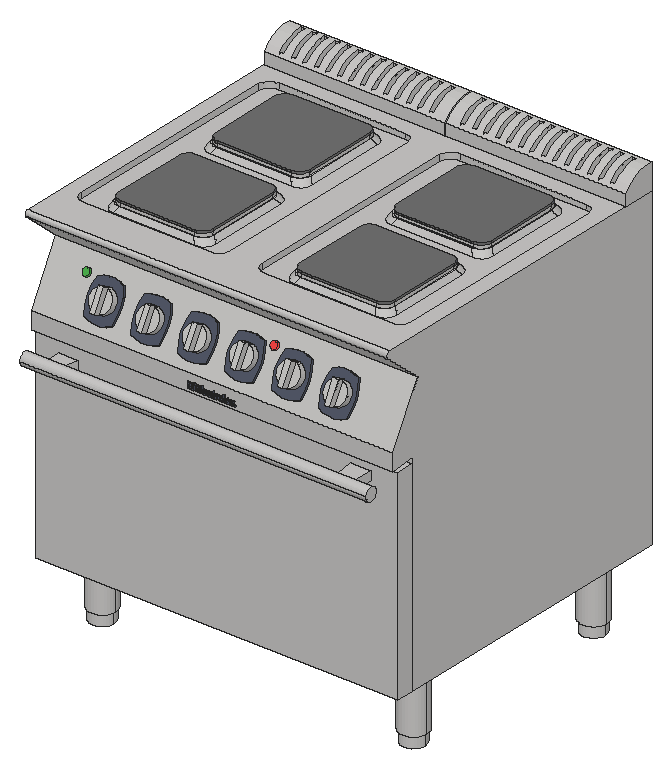
Revit family "QF_ELECTROLUXPROFESSIONAL_371018_E7ECEH4QE0", category Specialty Equipment, Revit 2018
Family settings
  Round Connector Dimension = Use Diameter
  Part Type = Normal
  Work Plane-Based = No
  Always vertical = Yes
  Cut with Voids When Loaded = No
  Shared = No
  Room Calculation Point = No
Parameters
  Width = 800.1 mm  # constant formula
  Weight in Pounds = 176  # constant formula
  Watts = 16400 VA  # 16400 W
  Volts = 400 V  # constant formula
  URL Cutsheet = "www.electrolux.com/foodservice"
  URL = "www.electrolux.com/foodservice"
  Type Mark [instance] = ""
  Status [instance] = ""
  Specification by User [instance] = ""
  Specification by Manufacturer = ""
  Show Logo [instance] = yes
  Show Clearance [instance] = yes
  Serial Number = ""
  Seismic Rating = ""
  SMACNA No = ""
  Revision Code [instance] = ""
  Phase = 3  # constant formula
  Omniclass Number and Title = ""
  Number of Poles [instance] = 1
  NAFEM Spec ID Number = ""
  Model = "371018"
  Min Ckt Ampacity = 0 A
  Max Overcurrent Protection = 0 A
  Masterspec = ""
  Manufacturer = "ELECTROLUX"
  Item Number [instance] = ""
  Installed By [instance] = ""
  Identify Quantity as Lot [instance] = yes
  Height = 908.1 mm  # constant formula
  HP = "22 HP"
  Furnished By [instance] = ""
  Foodservice Equipment Identifier [instance] = yes
  FL Amps = if(Phase = 3, Watts / (Volts * 1.73), Watts / Volts)  # 23.6994 A
  Electrical Remarks [instance] = "400 V/3N ph/50/60 Hz"  # constant formula
  Electric Connection Type [instance] = ""
  Elec Conn RI Height [instance] = 0 mm
  Elec Conn Connection Height [instance] = 0 mm
  Direct Waste Size = 0"
  Description = "700XP 4 Hot Square Plate Electric Boiling Top 2.6KW on Electric Oven - 400V"
  Depth = 730.25 mm  # constant formula
  Cycle = if([60 Hertz Option], 60 Hz, 50 Hz)  # 60 Hz
  Conn Plug = ""
  Conn Conduit = yes
  CSI MasterFormat = ""
  CSI Master Format = ""
  Base Height [instance] = 150 mm  # constant formula
  Apparent Power = if(Phase = 3, Volts * FL Amps * 1.73, Volts * FL Amps)  # 16400 VA
  60 Hertz Option = not([50 Hertz Option])  # yes
  50 Hertz Option = no
Reference planes
  plane 1 "BACK": y = 0
  plane 2: z = 0
  plane 3 "LEFT": x = 0
  plane 4 "RIGHT": x = 800.1
  plane 5 "FRONT": y = -730.25
  plane 6 "TOP": z = 908.1
  plane 7 "Center Y": x = 400.05
  plane 8 "Center X": y = -365.125
  plane 9 "TOP A": z = 851
  plane 10: z = 150
Forms (mm)
  Extrusion 1, solid, material "QF_Finishes_Stainless Steel"
    sketch origin (0, 0, 0) x (0, 1, 0) y (0, 0, 1)
      loop
        line (0, 851) -> (-722.928, 851)
        arc (-722.928, 851) -> (-729.69, 846.314) -> (-727.679, 838.336) r 7.223
        line (-727.679, 838.336) -> (-646.919, 767.809) -> (-713.772, 646.19) -> (-713.772, 608.09) -> (-660.4, 613.7) -> (-660.4, 150) -> (0, 150) -> (0, 851)
    from 0 to 800.1
  Extrusion 2, solid, material "QF_Finishes_Clearance", visible <- "Show Clearance", detail levels coarse
    sketch origin (0, 0, 0) x (1, 0, 0) y (0, 1, 0)
      loop
        line (0, -730.25) -> (0, 0) -> (800.1, 0) -> (800.1, -730.25) -> (950.119, -730.25) -> (950.119, 150.019) -> (-150.019, 150.019) -> (-150.019, -730.25) -> (0, -730.25)
    from 0 to 908.1
  Revolve 3, solid, material "QF_Finishes_Stainless Steel"
    sketch origin (0, -587.387, 608.09) x (0, 0, 1) y (-1, 0, 0)
      loop
        line (-608.09, -56) -> (-458.09, -56) -> (-458.09, -26) -> (-583.09, -26) -> (-583.09, -29.75) -> (-608.09, -29.75) -> (-608.09, -56)
      axis (-608.09, -56) -> (-458.09, -56)
    angle from 0 to 360
  Revolve 4, solid, material "QF_Finishes_Stainless Steel"
    sketch origin (400.05, -587.387, 608.09) x (0, 0, 1) y (-1, 0, 0)
      loop
        line (-608.09, -344.05) -> (-608.09, -370.3) -> (-583.09, -370.3) -> (-583.09, -374.05) -> (-458.09, -374.05) -> (-458.09, -344.05) -> (-608.09, -344.05)
      axis (-608.09, -344.05) -> (-458.09, -344.05)
    angle from 0 to 360
  Revolve 5, solid, material "QF_Finishes_Stainless Steel"
    sketch origin (0, -90, 608.09) x (0, 0, 1) y (-1, 0, 0)
      loop
        line (-608.09, -56) -> (-458.09, -56) -> (-458.09, -26) -> (-583.09, -26) -> (-583.09, -29.75) -> (-608.09, -29.75) -> (-608.09, -56)
      axis (-608.09, -56) -> (-458.09, -56)
    angle from 0 to 360
  Revolve 6, solid, material "QF_Finishes_Stainless Steel"
    sketch origin (400.05, -90, 608.09) x (0, 0, 1) y (-1, 0, 0)
      loop
        line (-608.09, -344.05) -> (-608.09, -370.3) -> (-583.09, -370.3) -> (-583.09, -374.05) -> (-458.09, -374.05) -> (-458.09, -344.05) -> (-608.09, -344.05)
      axis (-608.09, -344.05) -> (-458.09, -344.05)
    angle from 0 to 360
  Extrusion 7, solid, material "QF_Finishes_Stainless Steel"
    sketch origin (-77.88, -4572, 150) x (-1, 0, 0) y (0, -1, 0)
      loop
        circle (-830.355, -4059.238) r 12.7
    from 3.2 to 0
  Extrusion 8, solid, material "QF_Finishes_Stainless Steel"
    sketch origin (199.231, -12.7, -7.5) x (0, 1, 0) y (0, 0, 1)
      loop
        circle (-740.063, 582.209) r 14
    from -181.531 to 583.169
  Extrusion 9, solid, material "QF_Finishes_Stainless Steel"
    sketch origin (-23.75, -12.7, 562.009) x (-1, 0, 0) y (0, -1, 0)
      loop
        line (-84.731, 741.563) -> (-118.724, 741.563) -> (-126.38, 700.088) -> (-84.731, 700.088) -> (-84.731, 741.563)
      loop
        line (-762.869, 741.563) -> (-762.869, 687.387) -> (-718.876, 687.387) -> (-728.876, 741.563) -> (-762.869, 741.563)
    from 0 to 21.491
  Extrusion 10, solid, material "QF_Finishes_Navy Blue", visible <- "Show Logo"
    sketch origin (59.194, -713.772, 608.09) x (0, 0, 1) y (-1, 0, 0)
      loop
        line (20.674, -296.698) -> (8.307, -296.698)
        arc (8.307, -296.698) -> (14.491, -301.27) -> (20.674, -296.698) r 6.467
      loop
        arc (20.674, -296.069) -> (19.505, -290.926) -> (14.849, -288.448) r 6.338
        line (14.849, -288.448) -> (14.849, -290.494)
        arc (14.849, -290.494) -> (16.333, -294.149) -> (19.778, -296.069) r 5.941
        line (19.778, -296.069) -> (20.674, -296.069)
      loop
        arc (9.203, -296.069) -> (12.648, -294.149) -> (14.132, -290.494) r 5.941
        line (14.132, -290.494) -> (14.132, -288.448)
        arc (14.132, -288.448) -> (9.438, -290.922) -> (8.148, -296.069) r 6.504
        line (8.148, -296.069) -> (9.203, -296.069)
      loop
        line (21.349, -287.979) -> (7.604, -287.979) -> (7.604, -301.742) -> (21.349, -301.742) -> (21.349, -287.979)
      loop
        arc (21.432, -304.71) -> (21.085, -304.352) -> (20.718, -304.69) r 0.358
        arc (20.718, -304.69) -> (20.404, -305.44) -> (19.687, -305.825) r 1.216
        line (19.687, -305.825) -> (9.274, -305.825)
        arc (9.274, -305.825) -> (8.614, -305.548) -> (8.218, -304.951) r 1.238
        arc (8.218, -304.951) -> (7.823, -304.7) -> (7.518, -305.054) r 0.358
        line (7.518, -305.054) -> (7.518, -314.933) -> (10.269, -314.933) -> (10.269, -314.036)
        arc (10.269, -314.036) -> (9.36, -313.456) -> (8.904, -312.479) r 1.928
        line (8.904, -312.479) -> (8.904, -309.98)
        arc (8.904, -309.98) -> (9.18, -309.251) -> (9.868, -308.887) r 1.101
        line (9.868, -308.887) -> (13.955, -308.887) -> (13.955, -312.561)
        arc (13.955, -312.561) -> (13.602, -313.058) -> (13.037, -313.286) r 1.083
        arc (13.037, -313.286) -> (12.773, -313.591) -> (13.065, -313.869) r 0.292
        line (13.065, -313.869) -> (16.028, -313.869)
        arc (16.028, -313.869) -> (16.33, -313.596) -> (16.092, -313.266) r 0.305
        arc (16.092, -313.266) -> (15.601, -313.018) -> (15.296, -312.561) r 1.083
        line (15.296, -312.561) -> (15.296, -308.887) -> (19.973, -308.887) -> (19.973, -312.635)
        arc (19.973, -312.635) -> (19.759, -313.39) -> (19.153, -313.888) r 1.314
        arc (19.153, -313.888) -> (18.934, -314.292) -> (19.288, -314.585) r 0.361
        line (19.288, -314.585) -> (21.432, -314.585) -> (21.432, -304.71)
      loop
        arc (20.715, -315.365) -> (20.335, -316.284) -> (19.416, -316.664) r 1.299
        line (19.416, -316.664) -> (9.837, -316.664)
        arc (9.837, -316.664) -> (8.999, -316.286) -> (8.728, -315.408) r 1.118
        line (8.728, -315.408) -> (7.518, -315.408) -> (7.518, -320.758) -> (8.706, -320.758)
        arc (8.706, -320.758) -> (8.978, -319.841) -> (9.848, -319.445) r 1.153
        line (9.848, -319.445) -> (21.92, -319.445) -> (20.715, -315.365)
      loop
        line (12.483, -323.394) -> (12.483, -329.842) -> (13.282, -329.842)
        arc (13.282, -329.842) -> (15.862, -328.857) -> (17.131, -326.404) r 3.874
        line (17.131, -326.404) -> (17.131, -324.643)
        arc (17.131, -324.643) -> (15.944, -321.778) -> (13.08, -320.592) r 4.051
        line (13.08, -320.592) -> (11.072, -320.592)
        arc (11.072, -320.592) -> (8.253, -322.077) -> (7.202, -325.084) r 4.352
        arc (7.202, -325.084) -> (7.566, -327.547) -> (8.943, -329.621) r 5.713
        line (8.943, -329.621) -> (9.892, -329.621)
        arc (9.892, -329.621) -> (9.16, -328.052) -> (8.943, -326.334) r 5.579
        arc (8.943, -326.334) -> (9.737, -324.371) -> (11.616, -323.394) r 3.057
        line (11.616, -323.394) -> (12.483, -323.394)
      loop
        line (13.742, -323.394) -> (13.742, -326.977)
        arc (13.742, -326.977) -> (15.199, -327.024) -> (16.082, -325.864) r 1.59
        line (16.082, -325.864) -> (16.082, -325.034)
        arc (16.082, -325.034) -> (15.217, -323.779) -> (13.742, -323.394) r 2.184
      loop
        arc (16.533, -339.259) -> (17.022, -337.585) -> (17.179, -335.848) r 9.023
        line (17.179, -335.848) -> (17.179, -334.486)
        arc (17.179, -334.486) -> (16.02, -331.686) -> (13.22, -330.527) r 3.959
        line (13.22, -330.527) -> (10.62, -330.527)
        arc (10.62, -330.527) -> (8.338, -331.819) -> (7.221, -334.192) r 4.331
        line (7.221, -334.192) -> (7.221, -336.327)
        arc (7.221, -336.327) -> (7.729, -337.877) -> (8.651, -339.223) r 5.772
        arc (8.651, -339.223) -> (9.412, -339.274) -> (9.499, -338.515) r 0.553
        arc (9.499, -338.515) -> (9.111, -337.781) -> (8.977, -336.962) r 2.573
        line (8.977, -336.962) -> (8.977, -335.447)
        arc (8.977, -335.447) -> (9.983, -333.806) -> (11.798, -333.163) r 2.884
        line (11.798, -333.163) -> (13.077, -333.163)
        arc (13.077, -333.163) -> (14.898, -333.723) -> (15.824, -335.388) r 2.554
        line (15.824, -335.388) -> (15.824, -336.441)
        arc (15.824, -336.441) -> (15.493, -337.369) -> (14.836, -338.104) r 2.564
        arc (14.836, -338.104) -> (14.614, -338.821) -> (15.223, -339.259) r 0.643
        line (15.223, -339.259) -> (16.533, -339.259)
      loop
        line (15.515, -339.53) -> (15.515, -341.031) -> (9.467, -341.031)
        arc (9.467, -341.031) -> (7.879, -341.688) -> (7.221, -343.276) r 2.246
        line (7.221, -343.276) -> (7.221, -344.86)
        arc (7.221, -344.86) -> (7.535, -345.725) -> (8.035, -346.496) r 4.06
        arc (8.035, -346.496) -> (8.768, -346.629) -> (9.019, -345.928) r 0.576
        arc (9.019, -345.928) -> (8.913, -345.403) -> (8.977, -344.87) r 1.69
        arc (8.977, -344.87) -> (9.519, -344.082) -> (10.425, -343.779) r 1.506
        line (10.425, -343.779) -> (15.563, -343.779) -> (15.563, -346.176) -> (16.119, -346.733) -> (16.941, -346.733) -> (16.941, -343.873) -> (20.172, -343.873) -> (15.515, -339.53)
      loop
        line (7.438, -347.63) -> (7.438, -353.017) -> (8.548, -353.017)
        arc (8.548, -353.017) -> (8.942, -352.066) -> (9.893, -351.672) r 1.345
        line (9.893, -351.672) -> (13.509, -351.672)
        arc (13.509, -351.672) -> (14.274, -352.264) -> (14.564, -353.186) r 1.615
        line (14.564, -353.186) -> (14.564, -354.742) -> (17.119, -355.427) -> (17.119, -354.044) -> (15.177, -351.485) -> (17.057, -351.485) -> (16.773, -348.779)
        arc (16.773, -348.779) -> (16.333, -348.249) -> (15.674, -348.45) r 0.621
        arc (15.674, -348.45) -> (15.274, -348.792) -> (14.78, -348.975) r 1.501
        line (14.78, -348.975) -> (9.893, -348.975)
        arc (9.893, -348.975) -> (8.942, -348.581) -> (8.548, -347.63) r 1.345
        line (8.548, -347.63) -> (7.438, -347.63)
      loop
        line (13.54, -354.964) -> (10.848, -354.964)
        arc (10.848, -354.964) -> (8.403, -356.272) -> (7.269, -358.803) r 4.288
        arc (7.269, -358.803) -> (7.205, -360.183) -> (7.269, -361.563) r 15.022
        arc (7.269, -361.563) -> (8.403, -364.094) -> (10.848, -365.401) r 4.288
        line (10.848, -365.401) -> (13.54, -365.401)
        arc (13.54, -365.401) -> (15.986, -364.094) -> (17.119, -361.563) r 4.288
        arc (17.119, -361.563) -> (17.183, -360.183) -> (17.119, -358.803) r 15.022
        arc (17.119, -358.803) -> (15.986, -356.272) -> (13.54, -354.964) r 4.288
      loop
        line (13.745, -358.078) -> (10.643, -358.078)
        arc (10.643, -358.078) -> (8.486, -360.235) -> (10.643, -362.392) r 2.157
        line (10.643, -362.392) -> (13.745, -362.392)
        arc (13.745, -362.392) -> (15.902, -360.235) -> (13.745, -358.078) r 2.157
      loop
        arc (20.726, -365.26) -> (20.355, -366.154) -> (19.461, -366.524) r 1.264
        line (19.461, -366.524) -> (9.597, -366.524)
        arc (9.597, -366.524) -> (8.727, -366.127) -> (8.455, -365.211) r 1.153
        line (8.455, -365.211) -> (7.518, -365.211) -> (7.518, -370.319) -> (8.446, -370.319)
        arc (8.446, -370.319) -> (8.805, -369.547) -> (9.597, -369.232) r 1.153
        line (9.597, -369.232) -> (21.92, -369.232) -> (20.726, -365.26)
      loop
        arc (15.846, -369.857) -> (15.647, -370.921) -> (14.678, -371.403) r 1.215
        line (14.678, -371.403) -> (9.658, -371.403)
        arc (9.658, -371.403) -> (8.043, -372.051) -> (7.322, -373.634) r 2.338
        line (7.322, -373.634) -> (7.322, -375.148)
        arc (7.322, -375.148) -> (7.497, -376.152) -> (7.999, -377.038) r 2.979
        line (7.999, -377.038) -> (7.518, -378.835) -> (7.518, -380.524) -> (16.943, -380.524) -> (16.649, -376.32) -> (15.863, -376.32)
        arc (15.863, -376.32) -> (15.507, -377.156) -> (14.755, -377.665) r 1.605
        line (14.755, -377.665) -> (9.652, -377.665)
        arc (9.652, -377.665) -> (9.232, -376.728) -> (9.159, -375.704) r 2.94
        arc (9.159, -375.704) -> (9.72, -374.603) -> (10.873, -374.16) r 1.724
        line (10.873, -374.16) -> (17.07, -374.16) -> (15.846, -369.857)
      loop
        line (16.874, -381.377) -> (15.202, -383.423) -> (12.028, -385.729) -> (8.572, -382.617)
        arc (8.572, -382.617) -> (8.335, -382.223) -> (8.357, -381.764) r 0.789
        line (8.357, -381.764) -> (7.518, -381.764) -> (7.518, -385.309) -> (8.344, -385.309)
        arc (8.344, -385.309) -> (8.686, -384.947) -> (9.176, -385.039) r 0.52
        line (9.176, -385.039) -> (10.976, -386.51) -> (8.858, -387.886)
        arc (8.858, -387.886) -> (8.457, -387.576) -> (8.37, -387.076) r 0.7
        line (8.37, -387.076) -> (7.518, -387.076) -> (7.518, -393.003) -> (8.405, -393.003)
        arc (8.405, -393.003) -> (8.472, -392.344) -> (8.866, -391.813) r 1.247
        line (8.866, -391.813) -> (13.066, -388.532) -> (15.513, -390.585) -> (16.874, -392.327) -> (16.874, -388.604) -> (15.389, -389.026) -> (13.868, -387.749) -> (15.568, -386.559) -> (16.874, -387.336) -> (16.874, -381.377)
    from 0 to 1.644
  Extrusion 11, solid, material "QF_Finishes_Stainless Steel"
    sketch origin (0, -660.4, 601) x (0, 0, 1) y (-1, 0, 0)
      loop
        line (0, -800.1) -> (0, 0) -> (-451, 0) -> (-451, -800.1) -> (0, -800.1)
    from 1.588 to 39.688
  Extrusion 12, solid, material "QF_Finishes_Navy Blue"
    sketch origin (-221.762, -716.743, 640.785) x (0, 0.481713, 0.876329) y (-1, 0, 0)
      loop
        arc (105.947, -332.692) -> (68.865, -323.711) -> (31.333, -330.573) r 91.844
        arc (31.333, -330.573) -> (24.206, -361.215) -> (31.333, -391.858) r 69.441
        arc (31.333, -391.858) -> (68.854, -398.569) -> (105.947, -389.79) r 93.759
        arc (105.947, -389.79) -> (112.176, -361.241) -> (105.947, -332.692) r 68.543
    from 0 to 3.175
  Extrusion 13, solid, material "QF_Finishes_Stainless Steel"
    sketch origin (-20.512, -719.526, 642.314) x (0, 0.481713, 0.876329) y (-1, 0, 0)
      loop
        circle (68.826, -160.963) r 25.4
    from 0 to 12.7
  Extrusion 14, solid, material "QF_Finishes_Stainless Steel"
    sketch origin (-20.512, -730.655, 648.432) x (0, 0.481713, 0.876329) y (-1, 0, 0)
      loop
        arc (93.558, -166.749) -> (94.226, -160.963) -> (93.558, -155.177) r 25.4
        line (93.558, -155.177) -> (44.094, -155.177)
        arc (44.094, -155.177) -> (43.426, -160.963) -> (44.094, -166.749) r 25.4
        line (44.094, -166.749) -> (93.558, -166.749)
    from 0 to 12.7
  Extrusion 15, solid, material "QF_Finishes_Green"
    sketch origin (-92.5, -696.912, 676.862) x (0, 0.481713, 0.876329) y (-1, 0, 0)
      loop
        circle (63.365, -178.251) r 8
    from 0 to 3.175
  Extrusion 16, solid, material "QF_Finishes_Door Clearance", visible <- "Show Clearance", detail levels coarse
    sketch origin (400.05, 0, 0) x (0, 1, 0) y (0, 0, 1)
      loop
        line (-700.088, 150) -> (-700.088, 601)
        arc (-700.088, 601) -> (-992.356, 454.945) -> (-1109.663, 150) r 451.686
        line (-1109.663, 150) -> (-700.088, 150)
    from -400.05 to 400.05
  Extrusion 17, solid, material "QF_Finishes_Navy Blue"
    sketch origin (297.436, -716.743, 640.785) x (0, 0.481713, 0.876329) y (-1, 0, 0)
      loop
        arc (105.947, -332.692) -> (68.865, -323.711) -> (31.333, -330.573) r 91.844
        arc (31.333, -330.573) -> (24.206, -361.215) -> (31.333, -391.858) r 69.441
        arc (31.333, -391.858) -> (68.854, -398.569) -> (105.947, -389.79) r 93.759
        arc (105.947, -389.79) -> (112.176, -361.241) -> (105.947, -332.692) r 68.543
    from 0 to 3.175
  Extrusion 18, solid, material "QF_Finishes_Stainless Steel"
    sketch origin (498.686, -719.526, 642.314) x (0, 0.481713, 0.876329) y (-1, 0, 0)
      loop
        circle (68.826, -160.963) r 25.4
    from 0 to 12.7
  Extrusion 19, solid, material "QF_Finishes_Stainless Steel"
    sketch origin (498.686, -730.655, 648.432) x (0, 0.481713, 0.876329) y (-1, 0, 0)
      loop
        arc (93.558, -166.749) -> (94.226, -160.963) -> (93.558, -155.177) r 25.4
        line (93.558, -155.177) -> (44.094, -155.177)
        arc (44.094, -155.177) -> (43.426, -160.963) -> (44.094, -166.749) r 25.4
        line (44.094, -166.749) -> (93.558, -166.749)
    from 0 to 12.7
  Extrusion 20, solid, material "QF_Finishes_Navy Blue"
    sketch origin (-117.922, -716.743, 640.785) x (0, 0.481713, 0.876329) y (-1, 0, 0)
      loop
        arc (105.947, -332.692) -> (68.865, -323.711) -> (31.333, -330.573) r 91.844
        arc (31.333, -330.573) -> (24.206, -361.215) -> (31.333, -391.858) r 69.441
        arc (31.333, -391.858) -> (68.854, -398.569) -> (105.947, -389.79) r 93.759
        arc (105.947, -389.79) -> (112.176, -361.241) -> (105.947, -332.692) r 68.543
    from 0 to 3.175
  Extrusion 21, solid, material "QF_Finishes_Stainless Steel"
    sketch origin (83.328, -719.526, 642.314) x (0, 0.481713, 0.876329) y (-1, 0, 0)
      loop
        circle (68.826, -160.963) r 25.4
    from 0 to 12.7
  Extrusion 22, solid, material "QF_Finishes_Stainless Steel"
    sketch origin (83.328, -730.655, 648.432) x (0, 0.481713, 0.876329) y (-1, 0, 0)
      loop
        arc (93.558, -166.749) -> (94.226, -160.963) -> (93.558, -155.177) r 25.4
        line (93.558, -155.177) -> (44.094, -155.177)
        arc (44.094, -155.177) -> (43.426, -160.963) -> (44.094, -166.749) r 25.4
        line (44.094, -166.749) -> (93.558, -166.749)
    from 0 to 12.7
  Extrusion 23, solid, material "QF_Finishes_Navy Blue"
    sketch origin (-14.083, -716.743, 640.785) x (0, 0.481713, 0.876329) y (-1, 0, 0)
      loop
        arc (105.947, -332.692) -> (68.865, -323.711) -> (31.333, -330.573) r 91.844
        arc (31.333, -330.573) -> (24.206, -361.215) -> (31.333, -391.858) r 69.441
        arc (31.333, -391.858) -> (68.854, -398.569) -> (105.947, -389.79) r 93.759
        arc (105.947, -389.79) -> (112.176, -361.241) -> (105.947, -332.692) r 68.543
    from 0 to 3.175
  Extrusion 24, solid, material "QF_Finishes_Stainless Steel"
    sketch origin (187.167, -719.526, 642.314) x (0, 0.481713, 0.876329) y (-1, 0, 0)
      loop
        circle (68.826, -160.963) r 25.4
    from 0 to 12.7
  Extrusion 25, solid, material "QF_Finishes_Stainless Steel"
    sketch origin (187.167, -730.655, 648.432) x (0, 0.481713, 0.876329) y (-1, 0, 0)
      loop
        arc (93.558, -166.749) -> (94.226, -160.963) -> (93.558, -155.177) r 25.4
        line (93.558, -155.177) -> (44.094, -155.177)
        arc (44.094, -155.177) -> (43.426, -160.963) -> (44.094, -166.749) r 25.4
        line (44.094, -166.749) -> (93.558, -166.749)
    from 0 to 12.7
  Extrusion 26, solid, material "QF_Finishes_Navy Blue"
    sketch origin (89.757, -716.743, 640.785) x (0, 0.481713, 0.876329) y (-1, 0, 0)
      loop
        arc (105.947, -332.692) -> (68.865, -323.711) -> (31.333, -330.573) r 91.844
        arc (31.333, -330.573) -> (24.206, -361.215) -> (31.333, -391.858) r 69.441
        arc (31.333, -391.858) -> (68.854, -398.569) -> (105.947, -389.79) r 93.759
        arc (105.947, -389.79) -> (112.176, -361.241) -> (105.947, -332.692) r 68.543
    from 0 to 3.175
  Extrusion 27, solid, material "QF_Finishes_Stainless Steel"
    sketch origin (291.007, -719.526, 642.314) x (0, 0.481713, 0.876329) y (-1, 0, 0)
      loop
        circle (68.826, -160.963) r 25.4
    from 0 to 12.7
  Extrusion 28, solid, material "QF_Finishes_Stainless Steel"
    sketch origin (291.007, -730.655, 648.432) x (0, 0.481713, 0.876329) y (-1, 0, 0)
      loop
        arc (93.558, -166.749) -> (94.226, -160.963) -> (93.558, -155.177) r 25.4
        line (93.558, -155.177) -> (44.094, -155.177)
        arc (44.094, -155.177) -> (43.426, -160.963) -> (44.094, -166.749) r 25.4
        line (44.094, -166.749) -> (93.558, -166.749)
    from 0 to 12.7
  Extrusion 29, solid, material "QF_Finishes_Navy Blue"
    sketch origin (193.596, -716.743, 640.785) x (0, 0.481713, 0.876329) y (-1, 0, 0)
      loop
        arc (105.947, -332.692) -> (68.865, -323.711) -> (31.333, -330.573) r 91.844
        arc (31.333, -330.573) -> (24.206, -361.215) -> (31.333, -391.858) r 69.441
        arc (31.333, -391.858) -> (68.854, -398.569) -> (105.947, -389.79) r 93.759
        arc (105.947, -389.79) -> (112.176, -361.241) -> (105.947, -332.692) r 68.543
    from 0 to 3.175
  Extrusion 30, solid, material "QF_Finishes_Stainless Steel"
    sketch origin (394.846, -719.526, 642.314) x (0, 0.481713, 0.876329) y (-1, 0, 0)
      loop
        circle (68.826, -160.963) r 25.4
    from 0 to 12.7
  Extrusion 31, solid, material "QF_Finishes_Stainless Steel"
    sketch origin (394.846, -730.655, 648.432) x (0, 0.481713, 0.876329) y (-1, 0, 0)
      loop
        arc (93.558, -166.749) -> (94.226, -160.963) -> (93.558, -155.177) r 25.4
        line (93.558, -155.177) -> (44.094, -155.177)
        arc (44.094, -155.177) -> (43.426, -160.963) -> (44.094, -166.749) r 25.4
        line (44.094, -166.749) -> (93.558, -166.749)
    from 0 to 12.7
  Extrusion 32, solid, material "QF_Finishes_Stainless Steel"
    sketch origin (0, 0, 576.362) x (0, 1, 0) y (0, 0, 1)
      loop
        line (0, 274.638) -> (0, 331.738)
        arc (0, 331.738) -> (-38.857, 324.552) -> (-69.85, 300.038) r 82.056
        line (-69.85, 300.038) -> (-69.85, 274.638) -> (0, 274.638)
    from 0 to 400.05
  Extrusion 33, void
    sketch origin (0, 0, 851) x (0, -1, 0) y (1, 0, 0)
      loop
        line (6.761, 29.703) -> (63.911, 29.703) -> (63.911, 38.999) -> (6.761, 38.999) -> (6.761, 29.703)
      loop
        line (63.911, 64.487) -> (6.761, 64.487) -> (6.761, 55.191) -> (63.911, 55.191) -> (63.911, 64.487)
      loop
        line (63.911, 89.975) -> (6.761, 89.975) -> (6.761, 80.68) -> (63.911, 80.68) -> (63.911, 89.975)
      loop
        line (63.911, 115.464) -> (6.761, 115.464) -> (6.761, 106.168) -> (63.911, 106.168) -> (63.911, 115.464)
      loop
        line (63.911, 140.952) -> (6.761, 140.952) -> (6.761, 131.656) -> (63.911, 131.656) -> (63.911, 140.952)
      loop
        line (63.911, 166.44) -> (6.761, 166.44) -> (6.761, 157.145) -> (63.911, 157.145) -> (63.911, 166.44)
      loop
        line (63.911, 191.929) -> (6.761, 191.929) -> (6.761, 182.633) -> (63.911, 182.633) -> (63.911, 191.929)
      loop
        line (63.911, 217.417) -> (6.761, 217.417) -> (6.761, 208.121) -> (63.911, 208.121) -> (63.911, 217.417)
      loop
        line (63.911, 242.905) -> (6.761, 242.905) -> (6.761, 233.61) -> (63.911, 233.61) -> (63.911, 242.905)
      loop
        line (63.911, 268.394) -> (6.761, 268.394) -> (6.761, 259.098) -> (63.911, 259.098) -> (63.911, 268.394)
      loop
        line (63.911, 293.882) -> (6.761, 293.882) -> (6.761, 284.586) -> (63.911, 284.586) -> (63.911, 293.882)
      loop
        line (63.911, 319.37) -> (6.761, 319.37) -> (6.761, 310.075) -> (63.911, 310.075) -> (63.911, 319.37)
      loop
        line (63.911, 344.859) -> (6.761, 344.859) -> (6.761, 335.563) -> (63.911, 335.563) -> (63.911, 344.859)
      loop
        line (63.911, 370.347) -> (6.761, 370.347) -> (6.761, 361.051) -> (63.911, 361.051) -> (63.911, 370.347)
    from 25.4 to 63.5
  Extrusion 34, void
    sketch origin (0, 0, 851) x (1, 0, 0) y (0, -1, 0)
      loop
        line (60.425, 104.885) -> (339.625, 104.885)
        arc (339.625, 104.885) -> (357.586, 112.324) -> (365.025, 130.285) r 25.4
        line (365.025, 130.285) -> (365.025, 619.485)
        arc (365.025, 619.485) -> (357.586, 637.445) -> (339.625, 644.885) r 25.4
        line (339.625, 644.885) -> (60.425, 644.885)
        arc (60.425, 644.885) -> (42.464, 637.445) -> (35.025, 619.485) r 25.4
        line (35.025, 619.485) -> (35.025, 130.285)
        arc (35.025, 130.285) -> (42.464, 112.324) -> (60.425, 104.885) r 25.4
      loop
        arc (739.675, 104.885) -> (757.636, 112.324) -> (765.075, 130.285) r 25.4
        line (765.075, 130.285) -> (765.075, 619.485)
        arc (765.075, 619.485) -> (757.636, 637.445) -> (739.675, 644.885) r 25.4
        line (739.675, 644.885) -> (460.475, 644.885)
        arc (460.475, 644.885) -> (442.514, 637.445) -> (435.075, 619.485) r 25.4
        line (435.075, 619.485) -> (435.075, 130.285)
        arc (435.075, 130.285) -> (442.514, 112.324) -> (460.475, 104.885) r 25.4
        line (460.475, 104.885) -> (739.675, 104.885)
    from 0 to 12.7
  Extrusion 35, solid, material "QF_Finishes_Stainless Steel"
    sketch origin (400.05, 0, 576.362) x (0, 1, 0) y (0, 0, 1)
      loop
        line (0, 274.638) -> (0, 331.738)
        arc (0, 331.738) -> (-38.857, 324.552) -> (-69.85, 300.038) r 82.056
        line (-69.85, 300.038) -> (-69.85, 274.638) -> (0, 274.638)
    from 0 to 400.05
  Extrusion 36, void
    sketch origin (400.05, 0, 851) x (0, -1, 0) y (1, 0, 0)
      loop
        line (6.761, 29.703) -> (63.911, 29.703) -> (63.911, 38.999) -> (6.761, 38.999) -> (6.761, 29.703)
      loop
        line (63.911, 64.487) -> (6.761, 64.487) -> (6.761, 55.191) -> (63.911, 55.191) -> (63.911, 64.487)
      loop
        line (63.911, 89.975) -> (6.761, 89.975) -> (6.761, 80.68) -> (63.911, 80.68) -> (63.911, 89.975)
      loop
        line (63.911, 115.464) -> (6.761, 115.464) -> (6.761, 106.168) -> (63.911, 106.168) -> (63.911, 115.464)
      loop
        line (63.911, 140.952) -> (6.761, 140.952) -> (6.761, 131.656) -> (63.911, 131.656) -> (63.911, 140.952)
      loop
        line (63.911, 166.44) -> (6.761, 166.44) -> (6.761, 157.145) -> (63.911, 157.145) -> (63.911, 166.44)
      loop
        line (63.911, 191.929) -> (6.761, 191.929) -> (6.761, 182.633) -> (63.911, 182.633) -> (63.911, 191.929)
      loop
        line (63.911, 217.417) -> (6.761, 217.417) -> (6.761, 208.121) -> (63.911, 208.121) -> (63.911, 217.417)
      loop
        line (63.911, 242.905) -> (6.761, 242.905) -> (6.761, 233.61) -> (63.911, 233.61) -> (63.911, 242.905)
      loop
        line (63.911, 268.394) -> (6.761, 268.394) -> (6.761, 259.098) -> (63.911, 259.098) -> (63.911, 268.394)
      loop
        line (63.911, 293.882) -> (6.761, 293.882) -> (6.761, 284.586) -> (63.911, 284.586) -> (63.911, 293.882)
      loop
        line (63.911, 319.37) -> (6.761, 319.37) -> (6.761, 310.075) -> (63.911, 310.075) -> (63.911, 319.37)
      loop
        line (63.911, 344.859) -> (6.761, 344.859) -> (6.761, 335.563) -> (63.911, 335.563) -> (63.911, 344.859)
      loop
        line (63.911, 370.347) -> (6.761, 370.347) -> (6.761, 361.051) -> (63.911, 361.051) -> (63.911, 370.347)
    from 25.4 to 63.5
  Extrusion 37, solid, material "QF_Finishes_Red"
    sketch origin (322.858, -696.912, 676.862) x (0, 0.481713, 0.876329) y (-1, 0, 0)
      loop
        circle (63.365, -178.251) r 8
    from 0 to 3.175
Cuts and joins
  joined: Extrusion 8, Extrusion 9
  Extrusion 33, Extrusion 36 cuts Extrusion 32
  Extrusion 34 cuts Extrusion 1
  Extrusion 36 cuts Extrusion 2
  Extrusion 36 cuts Extrusion 35
Lines and regions (mm)
  symbolic lines, style "QF-Clearances", visible <- "Show Clearance", detail levels coarse
    curve 1: line (-150.019, 150.019, 851) -> (-150.019, -731.627, 851)
    curve 2: line (950.119, 150.019, 851) -> (-150.019, 150.019, 851)
    curve 3: line (950.119, -731.627, 851) -> (950.119, 150.019, 851)
  symbolic lines
    curve 4: line (0, 0, 851) -> (800.1, 0, 851)
    curve 5: line (0, -730.25, 851) -> (0, 0, 851)
    curve 6: line (800.1, 0, 851) -> (800.1, -730.25, 851)
    curve 7: line (0, -69.85, 851) -> (0, -63.012, 851)
    curve 8: line (800.1, -730.25, 851) -> (0, -730.25, 851)
    curve 9: line (0, -69.85, 851) -> (800.1, -69.85, 851)
    curve 13: line (17.7, -738.763, 851) -> (17.7, -766.763, 851)
    curve 14: line (782.4, -766.763, 851) -> (17.7, -766.763, 851)
    curve 15: line (782.4, -738.763, 851) -> (782.4, -766.763, 851)
    curve 16: line (400.05, -69.85, 851) -> (400.05, -63.012, 851)
    curve 17: line (17.7, -738.763, 851) -> (782.4, -738.763, 851)
    curve 18: line (60.981, -738.763, 851) -> (60.981, -730.25, 851)
    curve 19: line (97.835, -738.763, 851) -> (99.406, -730.25, 851)
    curve 20: line (739.119, -738.763, 851) -> (739.119, -730.25, 851)
    curve 21: line (702.265, -738.763, 851) -> (700.694, -730.25, 851)
    curve 22: line (60.425, -104.885, 851) -> (339.625, -104.885, 851)
    curve 23: arc (339.625, -104.885, 851) -> (357.586, -112.324, 851) -> (365.025, -130.285, 851) r 25.4
    curve 24: line (365.025, -130.285, 851) -> (365.025, -619.485, 851)
    curve 25: arc (365.025, -619.485, 851) -> (357.586, -637.445, 851) -> (339.625, -644.885, 851) r 25.4
    curve 26: line (339.625, -644.885, 851) -> (60.425, -644.885, 851)
    curve 27: arc (60.425, -644.885, 851) -> (42.464, -637.445, 851) -> (35.025, -619.485, 851) r 25.4
    curve 28: line (35.025, -619.485, 851) -> (35.025, -130.285, 851)
    curve 29: arc (35.025, -130.285, 851) -> (42.464, -112.324, 851) -> (60.425, -104.885, 851) r 25.4
    curve 30: line (460.475, -104.885, 851) -> (739.675, -104.885, 851)
    curve 31: arc (739.675, -104.885, 851) -> (757.636, -112.324, 851) -> (765.075, -130.285, 851) r 25.4
    curve 32: line (765.075, -130.285, 851) -> (765.075, -619.485, 851)
    curve 33: arc (765.075, -619.485, 851) -> (757.636, -637.445, 851) -> (739.675, -644.885, 851) r 25.4
    curve 34: line (739.675, -644.885, 851) -> (460.475, -644.885, 851)
    curve 35: arc (460.475, -644.885, 851) -> (442.514, -637.445, 851) -> (435.075, -619.485, 851) r 25.4
    curve 36: line (435.075, -619.485, 851) -> (435.075, -130.285, 851)
    curve 37: arc (435.075, -130.285, 851) -> (442.514, -112.324, 851) -> (460.475, -104.885, 851) r 25.4
    curve 38: line (400.05, -69.85, 851) -> (400.05, 0, 851)
    curve 39: line (29.703, -6.761, 851) -> (38.999, -6.761, 851)
    curve 40: line (29.703, -63.911, 851) -> (29.703, -6.761, 851)
    curve 41: line (38.999, -63.911, 851) -> (29.703, -63.911, 851)
    curve 42: line (38.999, -6.761, 851) -> (38.999, -63.911, 851)
    curve 43: line (55.191, -6.761, 851) -> (64.487, -6.761, 851)
    curve 44: line (55.191, -63.911, 851) -> (55.191, -6.761, 851)
    curve 45: line (64.487, -63.911, 851) -> (55.191, -63.911, 851)
    curve 46: line (64.487, -6.761, 851) -> (64.487, -63.911, 851)
    curve 47: line (80.68, -6.761, 851) -> (89.975, -6.761, 851)
    curve 48: line (80.68, -63.911, 851) -> (80.68, -6.761, 851)
    curve 49: line (89.975, -63.911, 851) -> (80.68, -63.911, 851)
    curve 50: line (89.975, -6.761, 851) -> (89.975, -63.911, 851)
    curve 51: line (106.168, -6.761, 851) -> (115.464, -6.761, 851)
    curve 52: line (106.168, -63.911, 851) -> (106.168, -6.761, 851)
    curve 53: line (115.464, -63.911, 851) -> (106.168, -63.911, 851)
    curve 54: line (115.464, -6.761, 851) -> (115.464, -63.911, 851)
    curve 55: line (131.656, -6.761, 851) -> (140.952, -6.761, 851)
    curve 56: line (131.656, -63.911, 851) -> (131.656, -6.761, 851)
    curve 57: line (140.952, -63.911, 851) -> (131.656, -63.911, 851)
    curve 58: line (140.952, -6.761, 851) -> (140.952, -63.911, 851)
    curve 59: line (157.145, -6.761, 851) -> (166.44, -6.761, 851)
    curve 60: line (157.145, -63.911, 851) -> (157.145, -6.761, 851)
    curve 61: line (166.44, -63.911, 851) -> (157.145, -63.911, 851)
    curve 62: line (166.44, -6.761, 851) -> (166.44, -63.911, 851)
    curve 63: line (182.633, -6.761, 851) -> (191.929, -6.761, 851)
    curve 64: line (182.633, -63.911, 851) -> (182.633, -6.761, 851)
    curve 65: line (191.929, -63.911, 851) -> (182.633, -63.911, 851)
    curve 66: line (191.929, -6.761, 851) -> (191.929, -63.911, 851)
    curve 67: line (208.121, -6.761, 851) -> (217.417, -6.761, 851)
    curve 68: line (208.121, -63.911, 851) -> (208.121, -6.761, 851)
    curve 69: line (217.417, -63.911, 851) -> (208.121, -63.911, 851)
    curve 70: line (217.417, -6.761, 851) -> (217.417, -63.911, 851)
    curve 71: line (233.61, -6.761, 851) -> (242.905, -6.761, 851)
    curve 72: line (233.61, -63.911, 851) -> (233.61, -6.761, 851)
    curve 73: line (242.905, -63.911, 851) -> (233.61, -63.911, 851)
    curve 74: line (242.905, -6.761, 851) -> (242.905, -63.911, 851)
    curve 75: line (259.098, -6.761, 851) -> (268.394, -6.761, 851)
    curve 76: line (259.098, -63.911, 851) -> (259.098, -6.761, 851)
    curve 77: line (268.394, -63.911, 851) -> (259.098, -63.911, 851)
    curve 78: line (268.394, -6.761, 851) -> (268.394, -63.911, 851)
    curve 79: line (284.586, -6.761, 851) -> (293.882, -6.761, 851)
    curve 80: line (284.586, -63.911, 851) -> (284.586, -6.761, 851)
    curve 81: line (293.882, -63.911, 851) -> (284.586, -63.911, 851)
    curve 82: line (293.882, -6.761, 851) -> (293.882, -63.911, 851)
    curve 83: line (310.075, -6.761, 851) -> (319.37, -6.761, 851)
    curve 84: line (310.075, -63.911, 851) -> (310.075, -6.761, 851)
    curve 85: line (319.37, -63.911, 851) -> (310.075, -63.911, 851)
    curve 86: line (319.37, -6.761, 851) -> (319.37, -63.911, 851)
    curve 87: line (335.563, -6.761, 851) -> (344.859, -6.761, 851)
    curve 88: line (335.563, -63.911, 851) -> (335.563, -6.761, 851)
    curve 89: line (344.859, -63.911, 851) -> (335.563, -63.911, 851)
    curve 90: line (344.859, -6.761, 851) -> (344.859, -63.911, 851)
    curve 91: line (361.051, -6.761, 851) -> (370.347, -6.761, 851)
    curve 92: line (361.051, -63.911, 851) -> (361.051, -6.761, 851)
    curve 93: line (370.347, -63.911, 851) -> (361.051, -63.911, 851)
    curve 94: line (370.347, -6.761, 851) -> (370.347, -63.911, 851)
    curve 95: line (770.397, -6.761, 851) -> (761.101, -6.761, 851)
    curve 96: line (770.397, -63.911, 851) -> (770.397, -6.761, 851)
    curve 97: line (761.101, -63.911, 851) -> (770.397, -63.911, 851)
    curve 98: line (761.101, -6.761, 851) -> (761.101, -63.911, 851)
    curve 99: line (744.909, -6.761, 851) -> (735.613, -6.761, 851)
    curve 100: line (744.909, -63.911, 851) -> (744.909, -6.761, 851)
    curve 101: line (735.613, -63.911, 851) -> (744.909, -63.911, 851)
    curve 102: line (735.613, -6.761, 851) -> (735.613, -63.911, 851)
    curve 103: line (719.42, -6.761, 851) -> (710.125, -6.761, 851)
    curve 104: line (719.42, -63.911, 851) -> (719.42, -6.761, 851)
    curve 105: line (710.125, -63.911, 851) -> (719.42, -63.911, 851)
    curve 106: line (710.125, -6.761, 851) -> (710.125, -63.911, 851)
    curve 107: line (693.932, -6.761, 851) -> (684.636, -6.761, 851)
    curve 108: line (693.932, -63.911, 851) -> (693.932, -6.761, 851)
    curve 109: line (684.636, -63.911, 851) -> (693.932, -63.911, 851)
    curve 110: line (684.636, -6.761, 851) -> (684.636, -63.911, 851)
    curve 111: line (668.444, -6.761, 851) -> (659.148, -6.761, 851)
    curve 112: line (668.444, -63.911, 851) -> (668.444, -6.761, 851)
    curve 113: line (659.148, -63.911, 851) -> (668.444, -63.911, 851)
    curve 114: line (659.148, -6.761, 851) -> (659.148, -63.911, 851)
    curve 115: line (642.955, -6.761, 851) -> (633.66, -6.761, 851)
    curve 116: line (642.955, -63.911, 851) -> (642.955, -6.761, 851)
    curve 117: line (633.66, -63.911, 851) -> (642.955, -63.911, 851)
    curve 118: line (633.66, -6.761, 851) -> (633.66, -63.911, 851)
    curve 119: line (617.467, -6.761, 851) -> (608.171, -6.761, 851)
    curve 120: line (617.467, -63.911, 851) -> (617.467, -6.761, 851)
    curve 121: line (608.171, -63.911, 851) -> (617.467, -63.911, 851)
    curve 122: line (608.171, -6.761, 851) -> (608.171, -63.911, 851)
    curve 123: line (591.979, -6.761, 851) -> (582.683, -6.761, 851)
    curve 124: line (591.979, -63.911, 851) -> (591.979, -6.761, 851)
    curve 125: line (582.683, -63.911, 851) -> (591.979, -63.911, 851)
    curve 126: line (582.683, -6.761, 851) -> (582.683, -63.911, 851)
    curve 127: line (566.49, -6.761, 851) -> (557.195, -6.761, 851)
    curve 128: line (566.49, -63.911, 851) -> (566.49, -6.761, 851)
    curve 129: line (557.195, -63.911, 851) -> (566.49, -63.911, 851)
    curve 130: line (557.195, -6.761, 851) -> (557.195, -63.911, 851)
    curve 131: line (541.002, -6.761, 851) -> (531.706, -6.761, 851)
    curve 132: line (541.002, -63.911, 851) -> (541.002, -6.761, 851)
    curve 133: line (531.706, -63.911, 851) -> (541.002, -63.911, 851)
    curve 134: line (531.706, -6.761, 851) -> (531.706, -63.911, 851)
    curve 135: line (515.514, -6.761, 851) -> (506.218, -6.761, 851)
    curve 136: line (515.514, -63.911, 851) -> (515.514, -6.761, 851)
    curve 137: line (506.218, -63.911, 851) -> (515.514, -63.911, 851)
    curve 138: line (506.218, -6.761, 851) -> (506.218, -63.911, 851)
    curve 139: line (490.025, -6.761, 851) -> (480.73, -6.761, 851)
    curve 140: line (490.025, -63.911, 851) -> (490.025, -6.761, 851)
    curve 141: line (480.73, -63.911, 851) -> (490.025, -63.911, 851)
    curve 142: line (480.73, -6.761, 851) -> (480.73, -63.911, 851)
    curve 143: line (464.537, -6.761, 851) -> (455.241, -6.761, 851)
    curve 144: line (464.537, -63.911, 851) -> (464.537, -6.761, 851)
    curve 145: line (455.241, -63.911, 851) -> (464.537, -63.911, 851)
    curve 146: line (455.241, -6.761, 851) -> (455.241, -63.911, 851)
    curve 147: line (439.049, -6.761, 851) -> (429.753, -6.761, 851)
    curve 148: line (439.049, -63.911, 851) -> (439.049, -6.761, 851)
    curve 149: line (429.753, -63.911, 851) -> (439.049, -63.911, 851)
    curve 150: line (429.753, -6.761, 851) -> (429.753, -63.911, 851)
  symbolic lines, style "QF-Door Swings"
    curve 10: line (0, -730.25, 851) -> (0, -1109.663, 851)
    curve 11: line (0, -1109.663, 851) -> (800.1, -1109.663, 851)
    curve 12: line (800.1, -1109.663, 851) -> (800.1, -730.25, 851)
Dimensions and locks
  equal spacing: plane 3 "LEFT", plane 7 "Center Y", plane 4 "RIGHT"
  "Width": plane 3 "LEFT" to plane 4 "RIGHT"
  equal spacing: plane 5 "FRONT", plane 8 "Center X", plane 1 "BACK"
  "Depth": plane 5 "FRONT" to plane 1 "BACK"
  plane 1 "BACK" to plane 5 "FRONT" = 730.25 mm
  "Base Height": plane 10 to level
  Extrusion 7 sketch curve to plane 1 "BACK" = 512.763 mm
  Extrusion 7 sketch curve to plane 4 "RIGHT" = 47.625 mm
  "Height": plane 6 "TOP" to level
  equal spacing: group 1, group 3, group 4, group 5, group 6, group 2  (x3)
  aligned and locked: level to plane 2
  aligned and locked: plane 4 "RIGHT" to Extrusion 1
  aligned and locked: plane 6 "TOP" to Extrusion 2
Automatic sketch dimensions
  Extrusion 12 sketch curve to Extrusion 12 sketch curve = 0 mm
  Extrusion 12 sketch curve to Extrusion 12 sketch curve = 12.3 mm  (x3)
  Extrusion 12 sketch curve to Extrusion 12 sketch curve = 34.925 mm  (x2)
  Extrusion 12 sketch curve to Extrusion 12 sketch curve = 50.015 mm
  Extrusion 12 sketch curve to Extrusion 12 sketch curve = 23.66 mm
  Extrusion 12 sketch curve to Extrusion 12 sketch curve = 25.727 mm
  Extrusion 12 sketch curve to Extrusion 12 sketch curve = 30.616 mm
  Extrusion 14 sketch curve to Extrusion 14 sketch curve = 24.732 mm
  Extrusion 14 sketch curve to Extrusion 14 sketch curve = 0 mm
  Extrusion 17 sketch curve to Extrusion 17 sketch curve = 0 mm
  Extrusion 17 sketch curve to Extrusion 17 sketch curve = 12.3 mm  (x3)
  Extrusion 17 sketch curve to Extrusion 17 sketch curve = 34.925 mm  (x2)
  Extrusion 17 sketch curve to Extrusion 17 sketch curve = 50.015 mm
  Extrusion 17 sketch curve to Extrusion 17 sketch curve = 23.66 mm
  Extrusion 17 sketch curve to Extrusion 17 sketch curve = 25.727 mm
  Extrusion 17 sketch curve to Extrusion 17 sketch curve = 30.616 mm
  Extrusion 19 sketch curve to Extrusion 19 sketch curve = 24.732 mm
  Extrusion 19 sketch curve to Extrusion 19 sketch curve = 0 mm
  Extrusion 20 sketch curve to Extrusion 20 sketch curve = 0 mm
  Extrusion 20 sketch curve to Extrusion 20 sketch curve = 12.3 mm  (x3)
  Extrusion 20 sketch curve to Extrusion 20 sketch curve = 34.925 mm  (x2)
  Extrusion 20 sketch curve to Extrusion 20 sketch curve = 50.015 mm
  Extrusion 20 sketch curve to Extrusion 20 sketch curve = 23.66 mm
  Extrusion 20 sketch curve to Extrusion 20 sketch curve = 25.727 mm
  Extrusion 20 sketch curve to Extrusion 20 sketch curve = 30.616 mm
  Extrusion 22 sketch curve to Extrusion 22 sketch curve = 24.732 mm
  Extrusion 22 sketch curve to Extrusion 22 sketch curve = 0 mm
  Extrusion 23 sketch curve to Extrusion 23 sketch curve = 0 mm
  Extrusion 23 sketch curve to Extrusion 23 sketch curve = 12.3 mm  (x3)
  Extrusion 23 sketch curve to Extrusion 23 sketch curve = 34.925 mm  (x2)
  Extrusion 23 sketch curve to Extrusion 23 sketch curve = 50.015 mm
  Extrusion 23 sketch curve to Extrusion 23 sketch curve = 23.66 mm
  Extrusion 23 sketch curve to Extrusion 23 sketch curve = 25.727 mm
  Extrusion 23 sketch curve to Extrusion 23 sketch curve = 30.616 mm
  Extrusion 25 sketch curve to Extrusion 25 sketch curve = 24.732 mm
  Extrusion 25 sketch curve to Extrusion 25 sketch curve = 0 mm
  Extrusion 26 sketch curve to Extrusion 26 sketch curve = 0 mm
  Extrusion 26 sketch curve to Extrusion 26 sketch curve = 12.3 mm  (x3)
  Extrusion 26 sketch curve to Extrusion 26 sketch curve = 34.925 mm  (x2)
  Extrusion 26 sketch curve to Extrusion 26 sketch curve = 50.015 mm
  Extrusion 26 sketch curve to Extrusion 26 sketch curve = 23.66 mm
  Extrusion 26 sketch curve to Extrusion 26 sketch curve = 25.727 mm
  Extrusion 26 sketch curve to Extrusion 26 sketch curve = 30.616 mm
  Extrusion 28 sketch curve to Extrusion 28 sketch curve = 24.732 mm
  Extrusion 28 sketch curve to Extrusion 28 sketch curve = 0 mm
  Extrusion 29 sketch curve to Extrusion 29 sketch curve = 0 mm
  Extrusion 29 sketch curve to Extrusion 29 sketch curve = 12.3 mm  (x3)
  Extrusion 29 sketch curve to Extrusion 29 sketch curve = 34.925 mm  (x2)
  Extrusion 29 sketch curve to Extrusion 29 sketch curve = 50.015 mm
  Extrusion 29 sketch curve to Extrusion 29 sketch curve = 23.66 mm
  Extrusion 29 sketch curve to Extrusion 29 sketch curve = 25.727 mm
  Extrusion 29 sketch curve to Extrusion 29 sketch curve = 30.616 mm
  Extrusion 31 sketch curve to Extrusion 31 sketch curve = 24.732 mm
  Extrusion 31 sketch curve to Extrusion 31 sketch curve = 0 mm
  Extrusion 1 sketch curve to plane 9 "TOP A" = 0 mm
  Extrusion 1 sketch curve to plane 10 = 0 mm
  Extrusion 1 sketch curve to plane 1 "BACK" = 0 mm
  Extrusion 1 sketch curve to plane 5 "FRONT" = 69.85 mm
  Extrusion 1 sketch curve to plane 5 "FRONT" = 16.478 mm
  Extrusion 1 sketch curve to plane 5 "FRONT" = 7.322 mm
  Extrusion 1 sketch curve to plane 5 "FRONT" = 2.571 mm
  Extrusion 1 sketch curve to Extrusion 1 sketch curve = 38.1 mm
  Extrusion 1 sketch curve to plane 9 "TOP A" = 83.191 mm
  Extrusion 1 sketch curve to plane 9 "TOP A" = 12.664 mm
  Revolve 3 sketch curve to level = 0 mm
  Revolve 3 sketch curve to plane 10 = 0 mm  (x2)
  level to Revolve 3 sketch curve = 25 mm
  Revolve 3 sketch curve to Revolve 3 sketch curve = 20 mm
  plane 3 "LEFT" to Revolve 3 sketch curve = 56 mm
  Revolve 3 sketch curve to Revolve 3 sketch curve = 0 mm
  plane 3 "LEFT" to Revolve 3 sketch curve = 29.75 mm
  plane 3 "LEFT" to Revolve 3 sketch curve = 26 mm
  Revolve 5 sketch curve to level = 0 mm
  Revolve 5 sketch curve to plane 10 = 0 mm  (x2)
  level to Revolve 5 sketch curve = 25 mm
  Revolve 5 sketch curve to Revolve 5 sketch curve = 20 mm
  plane 3 "LEFT" to Revolve 5 sketch curve = 56 mm
  Revolve 5 sketch curve to Revolve 5 sketch curve = 0 mm
  plane 3 "LEFT" to Revolve 5 sketch curve = 29.75 mm
  plane 3 "LEFT" to Revolve 5 sketch curve = 26 mm
  plane 5 "FRONT" to Extrusion 8 sketch curve = 22.513 mm
  plane 7 "Center Y" to Extrusion 10 sketch curve = 4.003 mm
  Extrusion 10 sketch curve to Extrusion 10 sketch curve = 0 mm  (x28)
  Extrusion 10 sketch curve to Extrusion 10 sketch curve = 5.108 mm  (x2)
  Extrusion 10 sketch curve to Extrusion 10 sketch curve = 0.054 mm
  Extrusion 10 sketch curve to Extrusion 10 sketch curve = 0.218 mm
  Extrusion 10 sketch curve to Extrusion 10 sketch curve = 0.195 mm
  Extrusion 10 sketch curve to Extrusion 10 sketch curve = 0.249 mm
  Extrusion 10 sketch curve to Extrusion 10 sketch curve = 0.087 mm
  Extrusion 10 sketch curve to Extrusion 10 sketch curve = 0.358 mm
  Extrusion 10 sketch curve to Extrusion 10 sketch curve = 0.481 mm
  Extrusion 10 sketch curve to Extrusion 10 sketch curve = 0.597 mm
  Extrusion 10 sketch curve to Extrusion 10 sketch curve = 0.544 mm
  Extrusion 10 sketch curve to Extrusion 10 sketch curve = 0.936 mm
  Extrusion 10 sketch curve to Extrusion 10 sketch curve = 0.594 mm
  Extrusion 10 sketch curve to Extrusion 10 sketch curve = 0.343 mm
  Extrusion 10 sketch curve to Extrusion 10 sketch curve = 0.159 mm
  Extrusion 10 sketch curve to Extrusion 10 sketch curve = 0.826 mm
  Extrusion 10 sketch curve to Extrusion 10 sketch curve = 0.839 mm
  Extrusion 10 sketch curve to Extrusion 10 sketch curve = 0.852 mm
  Extrusion 10 sketch curve to Extrusion 10 sketch curve = 0.887 mm
  Extrusion 10 sketch curve to Extrusion 10 sketch curve = 0.928 mm
  Extrusion 10 sketch curve to Extrusion 10 sketch curve = 0.938 mm
  Extrusion 10 sketch curve to Extrusion 10 sketch curve = 0.444 mm
  Extrusion 10 sketch curve to Extrusion 10 sketch curve = 1.11 mm  (x3)
  Extrusion 10 sketch curve to Extrusion 10 sketch curve = 0.215 mm
  Extrusion 10 sketch curve to plane 7 "Center Y" = 1.633 mm
  Extrusion 10 sketch curve to Extrusion 10 sketch curve = 1.43 mm
  Extrusion 10 sketch curve to Extrusion 10 sketch curve = 1.188 mm
  Extrusion 10 sketch curve to Extrusion 10 sketch curve = 1.21 mm  (x2)
  Extrusion 10 sketch curve to Extrusion 10 sketch curve = 0.503 mm
  Extrusion 10 sketch curve to Extrusion 10 sketch curve = 0.488 mm
  Extrusion 10 sketch curve to Extrusion 10 sketch curve = 0.462 mm
  Extrusion 10 sketch curve to Extrusion 10 sketch curve = 1.386 mm
  Extrusion 10 sketch curve to Extrusion 10 sketch curve = 1.742 mm  (x2)
  Extrusion 10 sketch curve to Extrusion 10 sketch curve = 0.821 mm
  Extrusion 10 sketch curve to Extrusion 10 sketch curve = 0.497 mm
  Extrusion 10 sketch curve to Extrusion 10 sketch curve = 0.539 mm
  Extrusion 10 sketch curve to Extrusion 10 sketch curve = 0.686 mm
  Extrusion 10 sketch curve to Extrusion 10 sketch curve = 0.408 mm
  Extrusion 10 sketch curve to Extrusion 10 sketch curve = 0.743 mm
  Extrusion 10 sketch curve to Extrusion 10 sketch curve = 1.16 mm
  Extrusion 10 sketch curve to Extrusion 10 sketch curve = 0.329 mm
  Extrusion 10 sketch curve to Extrusion 10 sketch curve = 1.054 mm
  Extrusion 10 sketch curve to Extrusion 10 sketch curve = 1.056 mm
  Extrusion 10 sketch curve to Extrusion 10 sketch curve = 0.129 mm
  Extrusion 10 sketch curve to Extrusion 10 sketch curve = 0.489 mm
  Extrusion 10 sketch curve to Extrusion 10 sketch curve = 0.441 mm
  Extrusion 10 sketch curve to Extrusion 10 sketch curve = 1.151 mm
  Extrusion 10 sketch curve to Extrusion 10 sketch curve = 1.141 mm  (x2)
  Extrusion 10 sketch curve to Extrusion 10 sketch curve = 0.768 mm
  Extrusion 10 sketch curve to Extrusion 10 sketch curve = 1.653 mm
  Extrusion 10 sketch curve to Extrusion 10 sketch curve = 0.499 mm
  Extrusion 10 sketch curve to Extrusion 10 sketch curve = 0.964 mm
  Extrusion 10 sketch curve to Extrusion 10 sketch curve = 0.949 mm
  Extrusion 10 sketch curve to Extrusion 10 sketch curve = 1.345 mm  (x2)
  Extrusion 10 sketch curve to Extrusion 10 sketch curve = 0.137 mm  (x2)
  Extrusion 10 sketch curve to Extrusion 10 sketch curve = 0.432 mm
  Extrusion 10 sketch curve to Extrusion 10 sketch curve = 1.142 mm
  Extrusion 10 sketch curve to Extrusion 10 sketch curve = 0.959 mm
  Extrusion 10 sketch curve to Extrusion 10 sketch curve = 0.176 mm
  Extrusion 10 sketch curve to Extrusion 10 sketch curve = 0.728 mm
  Extrusion 10 sketch curve to Extrusion 10 sketch curve = 3.375 mm  (x2)
  Extrusion 10 sketch curve to Extrusion 10 sketch curve = 1.905 mm
  Extrusion 10 sketch curve to Extrusion 10 sketch curve = 0.955 mm
  Extrusion 10 sketch curve to Extrusion 10 sketch curve = 1.251 mm
  Extrusion 10 sketch curve to Extrusion 10 sketch curve = 0.572 mm
  Extrusion 10 sketch curve to Extrusion 10 sketch curve = 1.92 mm
  Extrusion 10 sketch curve to Extrusion 10 sketch curve = 1.224 mm
  Extrusion 10 sketch curve to Extrusion 10 sketch curve = 0.745 mm
  Extrusion 10 sketch curve to Extrusion 10 sketch curve = 2.537 mm
  Extrusion 10 sketch curve to Extrusion 10 sketch curve = 0.896 mm  (x3)
  Extrusion 10 sketch curve to Extrusion 10 sketch curve = 0.036 mm
  Extrusion 10 sketch curve to Extrusion 10 sketch curve = 2.607 mm
  Extrusion 10 sketch curve to Extrusion 10 sketch curve = 0.066 mm
  Extrusion 10 sketch curve to Extrusion 10 sketch curve = 0.248 mm
  Extrusion 10 sketch curve to Extrusion 10 sketch curve = 0.449 mm
  Extrusion 10 sketch curve to Extrusion 10 sketch curve = 1.052 mm
  Extrusion 10 sketch curve to Extrusion 10 sketch curve = 1.863 mm
  Extrusion 10 sketch curve to Extrusion 10 sketch curve = 1.31 mm  (x2)
  Extrusion 10 sketch curve to Extrusion 10 sketch curve = 0.901 mm
  Extrusion 10 sketch curve to Extrusion 10 sketch curve = 1.107 mm
  Extrusion 10 sketch curve to Extrusion 10 sketch curve = 2.122 mm
  Extrusion 10 sketch curve to Extrusion 10 sketch curve = 2.101 mm
  Extrusion 10 sketch curve to Extrusion 10 sketch curve = 0.106 mm
  Extrusion 10 sketch curve to Extrusion 10 sketch curve = 0.029 mm
  Extrusion 10 sketch curve to Extrusion 10 sketch curve = 2.09 mm
  Extrusion 10 sketch curve to Extrusion 10 sketch curve = 1.279 mm
  Extrusion 10 sketch curve to Extrusion 10 sketch curve = 2.008 mm
  Extrusion 10 sketch curve to Extrusion 10 sketch curve = 0.738 mm
  Extrusion 10 sketch curve to Extrusion 10 sketch curve = 0.382 mm
  Extrusion 10 sketch curve to Extrusion 10 sketch curve = 0.384 mm
  Extrusion 10 sketch curve to Extrusion 10 sketch curve = 0.002 mm
  Extrusion 10 sketch curve to Extrusion 10 sketch curve = 0.561 mm
  Extrusion 10 sketch curve to Extrusion 10 sketch curve = 0.592 mm
  Extrusion 10 sketch curve to Extrusion 10 sketch curve = 2.692 mm
  Extrusion 10 sketch curve to Extrusion 10 sketch curve = 1.259 mm
  Extrusion 10 sketch curve to Extrusion 10 sketch curve = 0.802 mm
  Extrusion 10 sketch curve to Extrusion 10 sketch curve = 1.024 mm
  Extrusion 10 sketch curve to Extrusion 10 sketch curve = 0.682 mm
  Extrusion 10 sketch curve to Extrusion 10 sketch curve = 5.934 mm
  Extrusion 10 sketch curve to Extrusion 10 sketch curve = 2.186 mm
  Extrusion 10 sketch curve to Extrusion 10 sketch curve = 0.337 mm
  Extrusion 10 sketch curve to Extrusion 10 sketch curve = 0.021 mm
  Extrusion 10 sketch curve to Extrusion 10 sketch curve = 1.005 mm
  Extrusion 10 sketch curve to Extrusion 10 sketch curve = 0.552 mm
  Extrusion 10 sketch curve to Extrusion 10 sketch curve = 0.778 mm
  Extrusion 10 sketch curve to Extrusion 10 sketch curve = 0.063 mm
  Extrusion 10 sketch curve to Extrusion 10 sketch curve = 1.023 mm
  Extrusion 10 sketch curve to Extrusion 10 sketch curve = 3.804 mm
  Extrusion 10 sketch curve to Extrusion 10 sketch curve = 0.486 mm
  Extrusion 10 sketch curve to Extrusion 10 sketch curve = 0.266 mm  (x2)
  Extrusion 10 sketch curve to Extrusion 10 sketch curve = 1.547 mm
  Extrusion 10 sketch curve to Extrusion 10 sketch curve = 0.717 mm  (x2)
  Extrusion 10 sketch curve to Extrusion 10 sketch curve = 1.667 mm
  Extrusion 10 sketch curve to Extrusion 10 sketch curve = 3.174 mm
  Extrusion 10 sketch curve to Extrusion 10 sketch curve = 0.388 mm
  Extrusion 10 sketch curve to Extrusion 10 sketch curve = 1.342 mm
  Extrusion 10 sketch curve to Extrusion 10 sketch curve = 1.521 mm
  Extrusion 10 sketch curve to Extrusion 10 sketch curve = 0.124 mm
  Extrusion 10 sketch curve to Extrusion 10 sketch curve = 0.291 mm
  plane 7 "Center Y" to Extrusion 10 sketch curve = 5.32 mm
  Extrusion 10 sketch curve to Extrusion 10 sketch curve = 1.049 mm  (x2)
  Extrusion 10 sketch curve to Extrusion 10 sketch curve = 1.7 mm
  Extrusion 10 sketch curve to Extrusion 10 sketch curve = 0.894 mm
  Extrusion 10 sketch curve to Extrusion 10 sketch curve = 0.989 mm
  Extrusion 10 sketch curve to Extrusion 10 sketch curve = 1.168 mm
  Extrusion 10 sketch curve to Extrusion 10 sketch curve = 1.594 mm
  Extrusion 10 sketch curve to Extrusion 10 sketch curve = 0.731 mm
  Extrusion 10 sketch curve to Extrusion 10 sketch curve = 1.566 mm
  Extrusion 10 sketch curve to Extrusion 10 sketch curve = 0.064 mm
  plane 7 "Center Y" to Extrusion 10 sketch curve = 5.876 mm
  Extrusion 10 sketch curve to Extrusion 10 sketch curve = 0.556 mm  (x2)
  Extrusion 10 sketch curve to Extrusion 10 sketch curve = 0.48 mm
  Extrusion 10 sketch curve to Extrusion 10 sketch curve = 0.228 mm
  Extrusion 10 sketch curve to Extrusion 10 sketch curve = 1.018 mm
  Extrusion 10 sketch curve to Extrusion 10 sketch curve = 0.787 mm
  Extrusion 10 sketch curve to Extrusion 10 sketch curve = 0.618 mm
  Extrusion 10 sketch curve to Extrusion 10 sketch curve = 1.672 mm
  Extrusion 10 sketch curve to Extrusion 10 sketch curve = 1.361 mm
  Extrusion 10 sketch curve to Extrusion 10 sketch curve = 0.822 mm
  Extrusion 10 sketch curve to Extrusion 10 sketch curve = 0.069 mm
  Extrusion 10 sketch curve to Extrusion 10 sketch curve = 1.88 mm
  Extrusion 10 sketch curve to Extrusion 10 sketch curve = 0.42 mm
  Extrusion 10 sketch curve to Extrusion 10 sketch curve = 0.062 mm
  Extrusion 10 sketch curve to Extrusion 10 sketch curve = 1.355 mm
  Extrusion 10 sketch curve to Extrusion 10 sketch curve = 2.34 mm
  Extrusion 10 sketch curve to Extrusion 10 sketch curve = 0.493 mm
  Extrusion 10 sketch curve to Extrusion 10 sketch curve = 0.136 mm
  Extrusion 10 sketch curve to Extrusion 10 sketch curve = 0.128 mm
  Extrusion 10 sketch curve to Extrusion 10 sketch curve = 3.616 mm
  Extrusion 10 sketch curve to Extrusion 10 sketch curve = 4.207 mm
  Extrusion 10 sketch curve to Extrusion 10 sketch curve = 0.183 mm
  Extrusion 10 sketch curve to Extrusion 10 sketch curve = 0.895 mm
  Extrusion 10 sketch curve to Extrusion 10 sketch curve = 1.314 mm
  Extrusion 10 sketch curve to Extrusion 10 sketch curve = 3.231 mm
  Extrusion 10 sketch curve to Extrusion 10 sketch curve = 1.299 mm
  Extrusion 10 sketch curve to Extrusion 10 sketch curve = 1.214 mm
  Extrusion 10 sketch curve to Extrusion 10 sketch curve = 1.264 mm
  Extrusion 10 sketch curve to Extrusion 10 sketch curve = 0.109 mm
  Extrusion 10 sketch curve to Extrusion 10 sketch curve = 0.357 mm
  Extrusion 10 sketch curve to Extrusion 10 sketch curve = 0.565 mm
  Extrusion 10 sketch curve to Extrusion 10 sketch curve = 2.504 mm
  Extrusion 10 sketch curve to Extrusion 10 sketch curve = 2.459 mm
  Extrusion 10 sketch curve to Extrusion 10 sketch curve = 1.322 mm
  Extrusion 10 sketch curve to Extrusion 10 sketch curve = 2.77 mm
